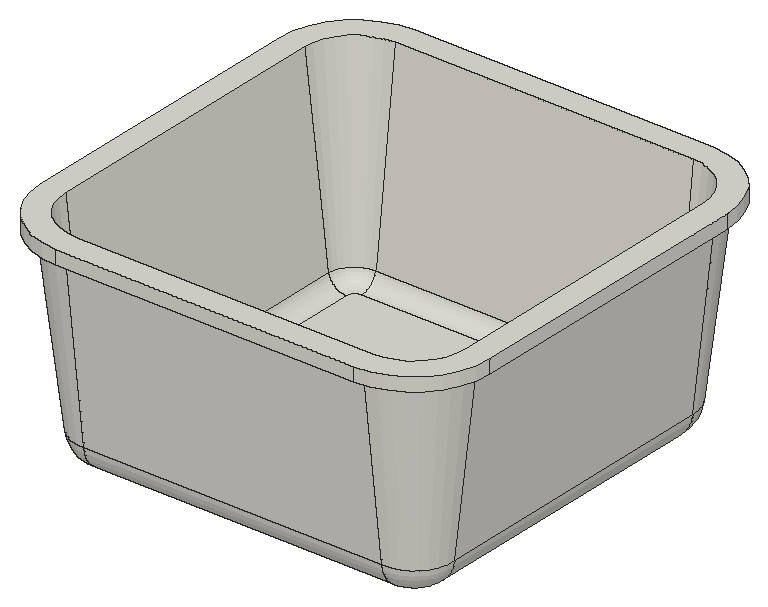
Revit family "Sink-Corian-European-Sweet-804", category Plumbing Fixtures, host Face, Revit 2015
Parameters (values of type "804")
  Width = 448 mm
  WFU = 0
  Version = "2015 - v1.0b"  # constant formula
  URL = "http://www.corian.uk/-the-complete-residential-surfaces-solutions-"
  Sink Colors Available = "Bone, Cameo White, Designer White, Glacier White, Vanilla"
  Product Page URL = "http://www.corian.uk/-kitchen-sinks-"
  Model = "Sweet 804"  # constant formula
  Manufacturer = "DuPont"  # constant formula
  Length = 448 mm
  Interior Width = 399 mm
  Interior Length = 399 mm
  HWFU = 0
  Finish = Solid Surface Sink - DuPont - Bone
  Description = "Kitchen Sink Europe Specification"  # constant formula
  Depth = 208 mm
  Default Elevation = 1219.2 mm
  Cost = 0
  CWFU = 0
Reference planes
  plane 1 "Center (Front/Back)": y = 0
  plane 2: z = 0
  plane 3 "Center (Left/Right)": x = 0
  plane 4: y = 224
  plane 5: y = -224
  plane 6: x = -224
  plane 7: x = 224
  plane 8: z = -220
  plane 9: x = -199.5
  plane 10: x = 199.5
  plane 11: y = 199.5
  plane 12: y = -199.5
  plane 13 "NAME": z = -12
  plane 14: y = -74.667
  plane 15: y = 74.667
  plane 16: x = 112
  plane 17: z = -234
Forms (mm)
  Extrusion 1, void
    sketch origin (0, 0, 0) x (1, 0, 0) y (0, 1, 0)
      loop
        line (148.97, 199.5) -> (-149.549, 199.5)
        arc (-149.549, 199.5) -> (-184.87, 184.87) -> (-199.5, 149.549) r 49.951
        line (-199.5, 149.549) -> (-199.5, -149.549)
        arc (-199.5, -149.549) -> (-184.87, -184.87) -> (-149.549, -199.5) r 49.951
        line (-149.549, -199.5) -> (148.97, -199.5)
        arc (148.97, -199.5) -> (184.7, -184.7) -> (199.5, -148.97) r 50.53
        line (199.5, -148.97) -> (199.5, 148.97)
        arc (199.5, 148.97) -> (184.7, 184.7) -> (148.97, 199.5) r 50.53
    from -234 to 0
  Sweep 2, solid, material "Solid Surface Sink - DuPont - Bone" <- "Finish"
    path origin (-322.065, -4572, -12) x (-1, 0, 0) y (0, -1, 0)
      loop
        arc (-172.786, -4771.5) -> (-137.274, -4756.791) -> (-122.565, -4721.279) r 50.221
        line (-122.565, -4721.279) -> (-122.565, -4422.721)
        arc (-122.565, -4422.721) -> (-137.274, -4387.209) -> (-172.786, -4372.5) r 50.221
        line (-172.786, -4372.5) -> (-470.765, -4372.5)
        arc (-470.765, -4372.5) -> (-506.686, -4387.379) -> (-521.565, -4423.3) r 50.8
        line (-521.565, -4423.3) -> (-521.565, -4720.7)
        arc (-521.565, -4720.7) -> (-506.686, -4756.621) -> (-470.765, -4771.5) r 50.8
        line (-470.765, -4771.5) -> (-172.786, -4771.5)
    profile origin (-0.29, 199.5, -12) x (0, 1, 0) y (0, 0, 1)
      loop
        line (0, 0) -> (-23.857, -194.302)
        arc (-23.857, -194.302) -> (-30.265, -204.169) -> (-41.39, -208) r 18.07
        line (-41.39, -208) -> (-41.39, -222)
        arc (-41.39, -222) -> (-20.564, -213.159) -> (-10.292, -193) r 33.076
        line (-10.292, -193) -> (11.739, -13.573) -> (24.5, -13.573) -> (24.5, 0) -> (0, 0)
  Extrusion 3, void, detail levels medium+fine
    sketch origin (-322.065, -4572, -12) x (0, -1, 0) y (-1, 0, 0)
      loop
        circle (-4667, -322.065) r 44.45
    from 208 to 222
  Extrusion 4, solid, material "Solid Surface Sink - DuPont - Bone" <- "Finish"
    sketch origin (-322.065, -4572, -12) x (-1, 0, 0) y (0, -1, 0)
      loop
        arc (-173.365, -4732.643) -> (-164.92, -4729.145) -> (-161.422, -4720.7) r 11.943
        line (-161.422, -4720.7) -> (-161.422, -4423.3)
        arc (-161.422, -4423.3) -> (-164.92, -4414.855) -> (-173.365, -4411.357) r 11.943
        line (-173.365, -4411.357) -> (-470.765, -4411.357)
        arc (-470.765, -4411.357) -> (-479.21, -4414.855) -> (-482.708, -4423.3) r 11.943
        line (-482.708, -4423.3) -> (-482.708, -4720.7)
        arc (-482.708, -4720.7) -> (-479.21, -4729.145) -> (-470.765, -4732.643) r 11.943
        line (-470.765, -4732.643) -> (-173.365, -4732.643)
    from -222 to -208
Cuts and joins
  Extrusion 3 cuts Sweep 2
  Extrusion 3 cuts Extrusion 4
  joined: Sweep 2, Extrusion 4
Lines and regions (mm)
  Masking region 1
    outline origin (-322.065, -4572, -12) x (-1, 0, 0) y (0, -1, 0)
      loop
        line (-470.765, -4771.23) -> (-172.786, -4771.23)
        arc (-172.786, -4771.23) -> (-137.465, -4756.6) -> (-122.835, -4721.279) r 49.951
        line (-122.835, -4721.279) -> (-122.835, -4422.721)
        arc (-122.835, -4422.721) -> (-137.465, -4387.4) -> (-172.786, -4372.77) r 49.951
        line (-172.786, -4372.77) -> (-470.765, -4372.77)
        arc (-470.765, -4372.77) -> (-506.495, -4387.57) -> (-521.295, -4423.3) r 50.53
        line (-521.295, -4423.3) -> (-521.295, -4720.7)
        arc (-521.295, -4720.7) -> (-506.495, -4756.43) -> (-470.765, -4771.23) r 50.53
  Masking region 2, detail levels fine
    outline origin (-322.065, -4572, -12) x (-1, 0, 0) y (0, -1, 0)
      loop
        line (-146.422, -4721.279) -> (-146.422, -4422.721)
        arc (-146.422, -4422.721) -> (-154.144, -4404.079) -> (-172.786, -4396.357) r 26.364
        line (-172.786, -4396.357) -> (-470.765, -4396.357)
        arc (-470.765, -4396.357) -> (-489.816, -4404.249) -> (-497.708, -4423.3) r 26.943
        line (-497.708, -4423.3) -> (-497.708, -4720.7)
        arc (-497.708, -4720.7) -> (-489.816, -4739.751) -> (-470.765, -4747.643) r 26.943
        line (-470.765, -4747.643) -> (-172.786, -4747.643)
        arc (-172.786, -4747.643) -> (-154.144, -4739.921) -> (-146.422, -4721.279) r 26.364
  Masking region 3, detail levels medium+fine
    outline origin (-322.065, -4572, -12) x (-1, 0, 0) y (0, -1, 0)
      loop
        circle (-322.065, -4667) r 44.45
Dimensions and locks
  equal spacing: plane 4, plane 1 "Center (Front/Back)", plane 5
  equal spacing: plane 6, plane 3 "Center (Left/Right)", plane 7
  "Length": plane 4 to plane 5
  "Width": plane 6 to plane 7
  equal spacing: plane 9, plane 3 "Center (Left/Right)", plane 10
  equal spacing: plane 11, plane 1 "Center (Front/Back)", plane 12
  "Interior Width": plane 9 to plane 10
  "Interior Length": plane 11 to plane 12
  equal spacing: plane 4, plane 15, plane 14, plane 5
  locked: plane 2 to plane 13 "NAME" at 12
  "Depth": plane 13 "NAME" to plane 8
  equal spacing: plane 3 "Center (Left/Right)", plane 16, plane 7
  locked: plane 8 to plane 17 at 14
  locked: plane 11 to Extrusion 3 sketch curve at 104.5
  plane 11 to Sweep 2 sketch curve to Sweep 2 sketch curve to Sweep 2 sketch curve = 0 mm locked, 50.221 mm locked, 0.579 mm locked
  Sweep 2 sketch curve to Sweep 2 sketch curve to plane 12 to Sweep 2 sketch curve = 0.579 mm locked, 50.221 mm locked, 0 mm locked
  plane 9 to Sweep 2 sketch curve to Sweep 2 sketch curve to Sweep 2 sketch curve = 0 mm locked, 50.221 mm locked, 0 mm locked
  Sweep 2 sketch curve to Sweep 2 sketch curve to plane 10 to Sweep 2 sketch curve = 0 mm locked, 50.8 mm locked, 0 mm locked
  Sweep 2 sketch curve to Sweep 2 sketch curve to plane 11 to Sweep 2 sketch curve to Sweep 2 sketch curve to Sweep 2 sketch curve to Sweep 2 sketch curve = 12.761 mm locked, 11.739 mm locked, 0 mm locked, 10.292 mm locked, 13.565 mm locked, 17.533 mm locked
  Sweep 2 sketch curve to Sweep 2 sketch curve to Sweep 2 sketch curve to plane 17 to Sweep 2 sketch curve = 1.302 mm locked, 13.698 mm locked, 14 mm locked, 0 mm locked
  plane 13 "NAME" to Sweep 2 sketch curve to Sweep 2 sketch curve = 0 mm locked, 13.573 mm locked
  plane 11 to Extrusion 4 sketch curve to Extrusion 4 sketch curve to Extrusion 4 sketch curve = 38.857 mm locked, 11.943 mm locked, 0 mm locked
  Extrusion 4 sketch curve to Extrusion 4 sketch curve to Extrusion 4 sketch curve to plane 12 = 0 mm locked, 11.943 mm locked, 38.857 mm locked
  plane 9 to Extrusion 4 sketch curve to Extrusion 4 sketch curve to Extrusion 4 sketch curve = 38.857 mm locked, 11.943 mm locked, 0 mm locked
  Extrusion 4 sketch curve to Extrusion 4 sketch curve to Extrusion 4 sketch curve to plane 10 = 0 mm locked, 11.943 mm locked, 38.857 mm locked
  aligned and locked: plane 2 to host face
  aligned and locked: level to host face
  aligned and locked: level to Extrusion 1
  aligned and locked: Extrusion 1 to plane 17
  aligned and locked: Extrusion 1 sketch curve to plane 9
  aligned and locked: plane 10 to Extrusion 1 sketch curve
  aligned and locked: plane 11 to Extrusion 1 sketch curve
  aligned and locked: Extrusion 1 sketch curve to plane 12
  aligned and locked: plane 8 to Extrusion 3
  aligned and locked: Extrusion 4 to plane 17
  aligned and locked: plane 8 to Extrusion 4
  aligned and locked: plane 3 "Center (Left/Right)" to Extrusion 3 sketch curve
Automatic sketch dimensions
  host sketch curve to host sketch curve = 2438.4 mm  (x2)
  plane 9 to Extrusion 1 sketch curve = 49.951 mm  (x2)
  Extrusion 1 sketch curve to plane 10 = 50.53 mm
  Extrusion 1 sketch curve to plane 11 = 50.53 mm
  Masking region 1 sketch curve to plane 10 = 0.27 mm
  Masking region 1 sketch curve to Masking region 1 sketch curve = 50.53 mm
  plane 9 to Masking region 1 sketch curve = 50.221 mm  (x2)
  Sweep 2 sketch curve to Sweep 2 sketch curve = 0.961 mm
  Masking region 1 sketch curve to plane 11 = 0.27 mm
  Masking region 1 sketch curve to plane 10 = 50.8 mm
  plane 12 to Masking region 1 sketch curve = 0.27 mm
  plane 9 to Masking region 1 sketch curve = 0.27 mm
  Masking region 2 sketch curve to plane 11 = 23.857 mm
  Masking region 2 sketch curve to plane 10 = 50.8 mm
  plane 12 to Masking region 2 sketch curve = 23.857 mm
  plane 9 to Masking region 2 sketch curve = 50.221 mm  (x2)
  plane 9 to Masking region 2 sketch curve = 23.857 mm
  Masking region 2 sketch curve to Masking region 2 sketch curve = 26.943 mm  (x2)
  Masking region 3 sketch curve to plane 3 "Center (Left/Right)" = 0 mm
  plane 15 to Masking region 3 sketch curve = 20.333 mm
  radius of Extrusion 3 sketch curve = 44.45 mm
  radius of Masking region 3 sketch curve = 44.45 mm
Connectors
  piping at (0, 95, -234), diameter 90
    settings: on cut or joined group of Sweep 2, Extrusion 3, Extrusion 4, index 1, connector inside diameter 24", connector length 0 mm, flow factor 0, pipe flow 0 GPM, pressure drop 0.00 psi, fitting loss kfactor 0, connector angle 0.00°, fixture units 0, engagement length 0 mm, angle of deflection 0.00°, flow configuration 0, flow direction 2, fitting loss method 0, system type 16, joint type 0, gender type 0, connector reference index -1, connector utility 0, adjustable connector no, is connector primary yes, connector description "Drain"
